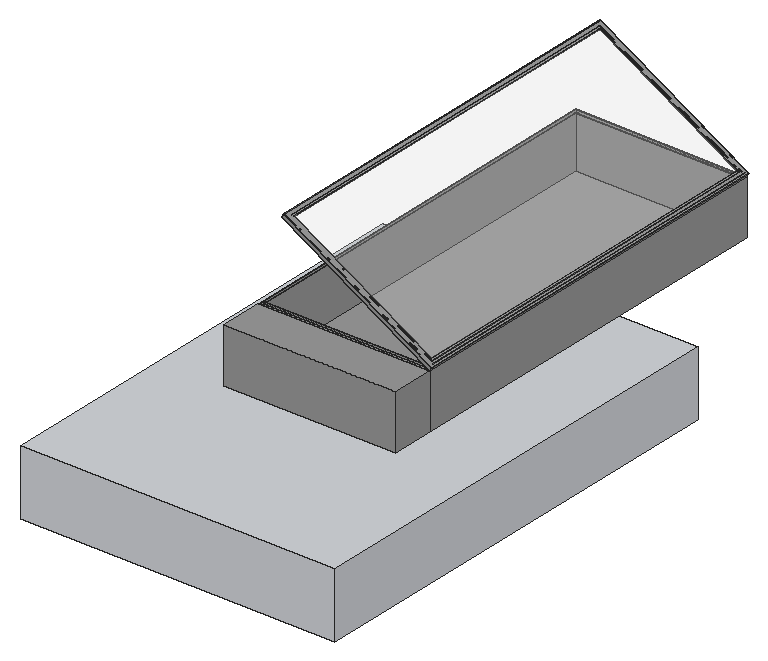
Revit family "Hager-Univers-IP55-D275-H2050-Cl.I-Steel_encl-CH-it", category Equipement électrique, Revit 2020
Family settings
  Hôte = Face
  Configuration du panneau = Deux colonnes, circuits au sein
  Cote de connecteur circulaire = Utiliser le diamètre
  Type d'élément = Tableau de raccordement
  Couper avec des vides une fois chargée = Non
  Partagée = Non
  Point de calcul de pièce = Non
Parameters (values of type "montaggio a pavimento IP55 L800 A2050 P275  - FR23K2")
  Width Control [instance] = if([EF000008 - Larghezza] > Min Width, [EF000008 - Larghezza], Min Width)  # 800 mm
  Commentaires du type = [HG000003 - Gamma]  # "Univers"
  Thickness Door [instance] = if([EF009171 - spessore materiale porta/coperchio] > 3 mm, 3 mm, [EF009171 - spessore materiale porta/coperchio])  # 1.5 mm
  Seal Frame Offset [instance] = 17 mm  # constant formula
  Plinth Visibility [instance] = [HG000027 - Altezza dello zoccolo] > 0 mm  # yes
  Model = ""
  Min Width [instance] = 100 mm  # constant formula
  Min Height [instance] = 100 mm  # constant formula
  Min Depth [instance] = (2 * [EF009170 - spessore materiale scatola]) + 1 mm  # 4 mm
  Internal Frame Depth [instance] = (Door System Depth * 0.5)  # 9 mm
  Height Control [instance] = if([EF000040 - Altezza] > Min Height, [EF000040 - Altezza], Min Height)  # 2050 mm
  HG000027 - Altezza dello zoccolo = 200 mm
  HG000026 - A pavimento = yes
  HG000024 - Altezza della sezione inferiore = 800 mm
  HG000023 - Custodia a doppia sezione = no
  HG000016 - Visibilità delle porte nella vista 3D [instance] = yes
  HG000015 - Visibilità attraverso la porta [instance] = no
  HG000014 - Porta destra [instance] = yes
  HG000013 - Porta sinistra [instance] = not([HG000014 - Porta destra])  # no
  HG000012 - Angolo di apertura della porta [instance] = 30.00°
  HG000010 - Porte asimmetriche = no
  HG000009 - Porta doppia a battente = no
  HG000006 - Ad incasso = no
  HG000004 - Codice produttore = "FR23K2"
  HG000003 - Gamma = "Univers"
  HG000002 - Con porta = yes
  Frame Offset Bottom [instance] = 10 mm  # constant formula
  Frame Offset [instance] = 15 mm  # constant formula
  EF015940 - Coprire con rilascio di sovrapressione = no
  EF011959 - tipo di protezione (NEMA) = ""
  EF009554 - numero delle aperture per la piastra della flangia = 6
  Fabricant = "Hager"  # constant formula
  EF009212 - esecuzione coperchio = "EV000116 - chiuso"
  EF009171 - spessore materiale porta/coperchio = 1.5 mm
  EF009170 - spessore materiale scatola = 1.5 mm
  EF008873 - corrente nominale (In) = 800 A
  EF007800 - adatto per parafulmine = no
  EF006306 - con serratura = no
  EF006244 - coperchio/porta trasparente = yes
  EF005474 - grado di protezione (IP) = "EV006420 - IP55"
  EF004464 - tipo di porta = "EV002646 - singolo"
  EF004427 - numero di moduli = 432
  EF004293 - resistenza agli urti = "EV008784 - IK10"
  EF003532 - adatto per uso esterno = no
  EF002950 - Numero moduli DIN = 24
  EF001613 - Integrità del circuito = "EV000494 - senza"
  EF001596 - Attacco Lampada = "EV000179 - acciaio"
  EF001131 - profondità interna = 275 mm
  EF001088 - possibilità di applicazione = yes
  EF000437 - numero di ingressi per conduttori = 6
  EF000339 - tipo di copertura = "EV004216 - porta"
  EF000266 - numero di file = 12
  EF000218 - profondità di incasso = 0 mm
  EF000118 - con piastra di montaggio = no
  EF000116 - numero RAL = "7035"
  EF000049 - profondità = 275 mm
  EF000040 - Altezza = 2050 mm
  EF000008 - Larghezza = 800 mm
  EF000007 - colore = "EV000270 - grigio"
  EF000003 - Tipo di montaggio = "EV012274 - montaggio a pavimento"
  Door System Leaf Tolerance [instance] = 1.5 mm  # constant formula
  Door System Depth [instance] = 18 mm  # constant formula
  Door Height [instance] = Height Control - [HG000027 - Altezza dello zoccolo]  # 1850 mm
  Depth Control [instance] = if([EF000049 - profondità] > Min Depth, [EF000049 - profondità], Min Depth)  # 275 mm
  Default Elevation = 0 mm
  Connector Offset [instance] = Height Control / 2  # 1025 mm
  Bottom Top Plate Trim [instance] = 1.5 mm  # constant formula
  Plinth height Ctrl [instance] = if([HG000027 - Altezza dello zoccolo] > 0 mm, [HG000027 - Altezza dello zoccolo], 12 mm)  # 200 mm
Types (11, lengths in mm): name | Width Control | HG000010 - Porte asimmetriche | HG000009 - Porta doppia a battente | HG000004 - Codice produttore | EF009554 - numero delle aperture per la piastra della flangia | EF006244 - coperchio/porta trasparente | EF004464 - tipo di porta | EF004427 - numero di moduli | EF000437 - numero di ingressi per conduttori | EF000008 - Larghezza
  montaggio a pavimento IP55 L1050 A2050 P275  - FR24E2 | 1050 | yes | yes | "FR24E2" | 8 | no | "EV003602 - doppio" | 576 | 8 | 1050
  montaggio a pavimento IP55 L1050 A2050 P275  - FR24K2 | 1050 | yes | yes | "FR24K2" | 8 | yes | "EV003602 - doppio" | 576 | 8 | 1050
  montaggio a pavimento IP55 L1300 A2050 P275  - FR25E2 | 1300 | yes | yes | "FR25E2" | 10 | no | "EV003602 - doppio" | 720 | 10 | 1300
  montaggio a pavimento IP55 L1300 A2050 P275  - FR25K2 | 1300 | yes | yes | "FR25K2" | 10 | yes | "EV003602 - doppio" | 720 | 10 | 1300
  montaggio a pavimento IP55 L1550 A2050 P275  - FR26E2 | 1550 | yes | yes | "FR26E2" | 12 | no | "EV003602 - doppio" | 864 | 12 | 1550
  montaggio a pavimento IP55 L1550 A2050 P275  - FR26K2 | 1550 | yes | yes | "FR26K2" | 12 | yes | "EV003602 - doppio" | 864 | 12 | 1550
  montaggio a pavimento IP55 L300 A2050 P275  - FR21E2 | 300 | no | no | "FR21E2" | 2 | no | "EV002646 - singolo" | 144 | 2 | 300
  montaggio a pavimento IP55 L550 A2050 P275  - FR22E2 | 550 | no | no | "FR22E2" | 4 | no | "EV002646 - singolo" | 288 | 4 | 550
  montaggio a pavimento IP55 L550 A2050 P275  - FR22K2 | 550 | no | no | "FR22K2" | 4 | yes | "EV002646 - singolo" | 288 | 4 | 550
  montaggio a pavimento IP55 L800 A2050 P275  - FR23E2 | 800 | no | no | "FR23E2" | 6 | no | "EV002646 - singolo" | 432 | 6 | 800
  montaggio a pavimento IP55 L800 A2050 P275  - FR23K2 | 800 | no | no | "FR23K2" | 6 | yes | "EV002646 - singolo" | 432 | 6 | 800
Reference planes
  plane 1 "Center (Front/Back)": y = 0
  plane 2: z = 0
  plane 3 "Center (Left/Right)": x = 0
  plane 4: z = 275
  plane 5: y = 201.5
  plane 6: y = 1125
  plane 7: y = 200
  plane 8: y = 2050
  plane 9: z = 0
  plane 10: x = -385
  plane 11: x = 385
  plane 12: x = 383.5
  plane 13: x = -383.5
  plane 14: y = 2048.5
  plane 15: x = -383
  plane 16: x = -400
  plane 17: x = 383
  plane 18: x = 400
  plane 19: x = 398.5
  plane 20: x = -398.5
  plane 21: y = 211.5
  plane 22: y = 2050
  plane 23: y = 2033.5
  plane 24: z = 257
  plane 25: z = 1.5
  plane 26: z = 255.5
  plane 27: z = 273.5
Forms (mm)
  Extrusion 1, solid
    sketch origin (0, 0, 0) x (1, 0, 0) y (0, 1, 0)
      loop
        line (-702.964, 1305) -> (-702.964, -811.445) -> (766.763, -811.445) -> (766.763, 1305) -> (-702.964, 1305)
    from 0 to -304.8
  Extrusion 2, solid, material "Hager_Steel_RAL7035_Light_Grey", visible <- "Plinth Visibility", detail levels medium+fine
    sketch origin (0, 0, 0) x (1, 0, 0) y (0, 1, 0)
      loop
        line (-400, 0) -> (400, 0) -> (400, 200) -> (-400, 200) -> (-400, 0)
    from 0 to 257
  Extrusion 3, solid, material "Hager_Steel_RAL7035_Light_Grey", detail levels medium+fine
    sketch origin (0, 0, 0) x (1, 0, 0) y (0, 1, 0)
      loop
        line (-400, 200) -> (400, 200) -> (400, 2050) -> (-400, 2050) -> (-400, 200)
    from 0 to 257
  Extrusion 4, void
    sketch origin (0, 0, 0) x (1, 0, 0) y (0, 1, 0)
      loop
        line (-398.5, 201.5) -> (398.5, 201.5) -> (398.5, 2048.5) -> (-398.5, 2048.5) -> (-398.5, 201.5)
    from 1.5 to 255.5
  Extrusion 5, void
    sketch origin (-381.607, -4572, 257) x (0, -1, 0) y (-1, 0, 0)
      loop
        line (-4783.5, 1.893) -> (-6605.5, 1.893) -> (-6605.5, -765.107) -> (-4783.5, -765.107) -> (-4783.5, 1.893)
    from 0 to 1.5 <- "EF009170 - spessore materiale scatola"
  Extrusion 6, solid, material "Hager_Steel_RAL7035_Light_Grey", detail levels fine
    sketch origin (0, 0, 257) x (1, 0, 0) y (0, 1, 0)
      loop
        line (-383.5, 2033.5) -> (-383.5, 211.5) -> (383.5, 211.5) -> (383.5, 2033.5) -> (-383.5, 2033.5)
      loop
        line (-385, 210) -> (385, 210) -> (385, 2035) -> (-385, 2035) -> (-385, 210)
    from 0 to 9 <- "Internal Frame Depth"
  Extrusion 7, solid, material "Hager_Steel_RAL7035_Light_Grey", detail levels coarse
    sketch origin (0, 0, 0) x (1, 0, 0) y (0, 1, 0)
      loop
        line (-400, 0) -> (400, 0) -> (400, 2050) -> (-400, 2050) -> (-400, 0)
    from 0 to 275
  Sweep 8, void
    path in 3D
      loop
        line (-400, 200, 0) -> (400, 200, 0) -> (400, 200, 257) -> (-400, 200, 257) -> (-400, 200, 0)
    profile origin (-400, 200, 128.5) x (-1, 0, 0) y (0, -1, 0)
      loop
        line (0, 0) -> (0, 1.5) -> (-1.5, 1.5)
        arc (-1.5, 1.5) -> (-1.061, 0.439) -> (0, 0) r 1.5
Cuts and joins
  Extrusion 4, Extrusion 5 cuts Extrusion 3
  Sweep 8 cuts Extrusion 2
Lines and regions (mm)
  Masking region 1
    outline origin (0, 0, 0) x (1, 0, 0) y (0, 0, 1)
      loop
        line (-400, 275) -> (-400, 0) -> (400, 0) -> (400, 275) -> (-400, 275)
  Masking region 2, detail levels medium+fine
    outline origin (0, 140, 0) x (0, 1, 0) y (0, 0, 1)
      loop
        line (60, 0) -> (1910, 0) -> (1910, 257) -> (60, 257) -> (60, 0)
  Masking region 3, not visible, detail levels medium+fine
    outline origin (0, 297.922, 0) x (0, 1, 0) y (0, 0, 1)
      loop
        line (838.578, 0) -> (878.578, 0) -> (878.578, 263.5)
        arc (878.578, 263.5) -> (875.649, 270.571) -> (868.578, 273.5) r 10
        line (868.578, 273.5) -> (838.578, 273.5) -> (838.578, 0)
  Masking region 4, detail levels coarse
    outline origin (0, 0, 180) x (0, 1, 0) y (0, 0, 1)
      loop
        line (0, -180) -> (2050, -180) -> (2050, 95) -> (0, 95) -> (0, -180)
  Masking region 5, visible <- "Plinth Visibility", detail levels medium+fine
    outline origin (0, 52.24, 12.345) x (0, 0, -1) y (0, 1, 0)
      loop
        line (10.845, 147.76) -> (-243.155, 147.76)
        arc (-243.155, 147.76) -> (-243.594, 146.699) -> (-244.655, 146.26) r 1.5
        line (-244.655, 146.26) -> (-244.655, -52.24) -> (12.345, -52.24) -> (12.345, 146.26)
        arc (12.345, 146.26) -> (11.285, 146.699) -> (10.845, 147.76) r 1.5
  Masking region 6, detail levels medium+fine
    outline origin (-381.607, -4572, 257) x (-1, 0, 0) y (0, -1, 0)
      loop
        line (18.393, -6622) -> (18.393, -4772) -> (-781.607, -4772) -> (-781.607, -6622) -> (18.393, -6622)
  Masking region 7, visible <- "Plinth Visibility", detail levels medium+fine
    outline origin (-381.607, -4727, 257) x (-1, 0, 0) y (0, -1, 0)
      loop
        arc (16.893, -4927) -> (17.332, -4925.939) -> (18.393, -4925.5) r 1.5
        line (18.393, -4925.5) -> (18.393, -4727) -> (-781.607, -4727) -> (-781.607, -4925.5)
        arc (-781.607, -4925.5) -> (-780.546, -4925.939) -> (-780.107, -4927) r 1.5
        line (-780.107, -4927) -> (16.893, -4927)
  Masking region 8, detail levels coarse
    outline origin (-442.548, -4669.526, 257) x (-1, 0, 0) y (0, -1, 0)
      loop
        line (-42.548, -6719.526) -> (-42.548, -4669.526) -> (-842.548, -4669.526) -> (-842.548, -6719.526) -> (-42.548, -6719.526)
  sketch lines
    curve 1: line (-400, 200, 257) -> (-400, 200, 0)
    curve 2: line (400, 200, 257) -> (-400, 200, 257)
    curve 3: line (400, 200, 257) -> (400, 200, 0)
    curve 4: line (-400, 200, 0) -> (400, 200, 0)
Dimensions and locks
  "Depth Control": plane 4 to Extrusion 1
  "HG000027 - Altezza dello zoccolo": plane 1 "Center (Front/Back)" to plane 7
  "EF009170 - spessore materiale scatola": plane 5 to plane 7
  locked: connector elem to plane 3 "Center (Left/Right)"
  equal spacing: plane 8, plane 6, plane 7
  locked: connector elem to plane 6
  "EF009170 - spessore materiale scatola": plane 8 to plane 14
  "EF009170 - spessore materiale scatola": plane 10 to plane 13
  "EF009170 - spessore materiale scatola": plane 12 to plane 11
  "Frame Offset": plane 20 to plane 13
  "Frame Offset": plane 12 to plane 19
  "EF009170 - spessore materiale scatola": plane 16 to plane 20
  "EF009170 - spessore materiale scatola": plane 19 to plane 18
  "Seal Frame Offset": plane 16 to plane 15
  "Seal Frame Offset": plane 17 to plane 18
  "Frame Offset Bottom": plane 21 to plane 5
  "Frame Offset": plane 14 to plane 23
  equal spacing: plane 16, plane 3 "Center (Left/Right)", plane 18
  "Width Control": plane 16 to plane 18
  "EF009170 - spessore materiale scatola": plane 4 to plane 27
  "EF009170 - spessore materiale scatola": plane 24 to plane 26
  "EF009170 - spessore materiale scatola": plane 25 to level
  "Door System Depth": plane 4 to plane 24
  "Height Control": plane 1 "Center (Front/Back)" to Extrusion 7 sketch curve
  "Height Control": Masking region 4 sketch curve to plane 1 "Center (Front/Back)"
  "Height Control": plane 1 "Center (Front/Back)" to plane 22
  "Bottom Top Plate Trim": profile plane to Sweep 8 sketch curve
  "Bottom Top Plate Trim": Sweep 8 sketch curve to profile plane
  "Plinth height Ctrl": plane 1 "Center (Front/Back)" to Extrusion 2 sketch curve
  "Plinth height Ctrl": Masking region 5 sketch curve to plane 1 "Center (Front/Back)"
  "Plinth height Ctrl": plane 1 "Center (Front/Back)" to Masking region 7 sketch curve
  "Thickness Door": Extrusion 6 sketch curve to Extrusion 6 sketch curve  (x3)
  "Thickness Door": cut or joined group of Extrusion 3, Extrusion 4, Extrusion 5 to Extrusion 6 sketch curve
  radius of Masking region 3 sketch curve = 10 mm
  "Bottom Top Plate Trim": radius of Masking region 5 sketch curve  (x2)
  "Bottom Top Plate Trim": radius of Sweep 8 sketch curve
  "Bottom Top Plate Trim": radius of Masking region 7 sketch curve  (x2)
  aligned and locked: plane 2 to Extrusion 1
  aligned and locked: level to Extrusion 1
  aligned and locked: level to Masking region 1 sketch curve
  aligned and locked: Masking region 1 sketch curve to plane 18
  aligned and locked: Masking region 1 sketch curve to plane 16
  aligned and locked: plane 7 to Masking region 2 sketch curve
  aligned and locked: level to Masking region 3 sketch curve
  aligned and locked: Masking region 3 sketch curve to plane 27
  aligned and locked: level to Masking region 2 sketch curve
  aligned and locked: plane 1 "Center (Front/Back)" to Extrusion 2 sketch curve
  aligned and locked: Extrusion 3 sketch curve to plane 7
  aligned and locked: plane 16 to Extrusion 3 sketch curve
  aligned and locked: plane 18 to Extrusion 3 sketch curve
  aligned and locked: plane 20 to Extrusion 4 sketch curve
  aligned and locked: plane 19 to Extrusion 4 sketch curve
  aligned and locked: Extrusion 4 sketch curve to plane 5
  aligned and locked: Extrusion 4 to plane 25
  aligned and locked: plane 26 to Extrusion 4
  aligned and locked: plane 24 to Extrusion 3
  aligned and locked: Extrusion 5 sketch curve to plane 21
  aligned and locked: Extrusion 5 sketch curve to plane 13
  aligned and locked: Extrusion 5 sketch curve to plane 12
  aligned and locked: plane 18 to Extrusion 7 sketch curve
  aligned and locked: plane 1 "Center (Front/Back)" to Extrusion 7 sketch curve
  aligned and locked: plane 16 to Extrusion 7 sketch curve
  aligned and locked: plane 4 to Extrusion 7
  aligned and locked: Extrusion 7 to level
  aligned and locked: level to Masking region 4 sketch curve
  aligned and locked: Masking region 4 sketch curve to plane 1 "Center (Front/Back)"
  aligned and locked: Masking region 4 sketch curve to plane 4
  aligned and locked: nested 1 to level
  aligned and locked: nested 1 to plane 16
  aligned and locked: plane 8 to Extrusion 3 sketch curve
  aligned and locked: plane 23 to Extrusion 5 sketch curve
  aligned and locked: plane 14 to Extrusion 4 sketch curve
  aligned and locked: Masking region 2 sketch curve to plane 8
  aligned and locked: level to Masking region 5 sketch curve
  aligned and locked: plane 16 to Extrusion 2 sketch curve
  aligned and locked: plane 18 to Extrusion 2 sketch curve
  aligned and locked: Masking region 5 sketch curve to plane 24
  aligned and locked: Masking region 2 sketch curve to plane 24
  aligned and locked: plane 24 to Extrusion 2
  aligned and locked: profile plane to Sweep 8 sketch curve  (x2)
  aligned and locked: Masking region 6 sketch curve to plane 18
  aligned and locked: Masking region 6 sketch curve to plane 22
  aligned and locked: Masking region 6 sketch curve to plane 16
  aligned and locked: plane 8 to plane 22
  aligned and locked: Masking region 6 sketch curve to plane 7
  aligned and locked: Masking region 7 sketch curve to plane 16
  aligned and locked: Masking region 7 sketch curve to plane 1 "Center (Front/Back)"
  aligned and locked: Masking region 7 sketch curve to plane 18
  aligned and locked: Masking region 8 sketch curve to plane 1 "Center (Front/Back)"
  aligned and locked: Masking region 8 sketch curve to plane 18
  aligned and locked: Masking region 8 sketch curve to plane 22
  aligned and locked: Masking region 8 sketch curve to plane 16
  aligned and locked: nested 2 to plane 7
  aligned and locked: plane 3 "Center (Left/Right)" to nested 2
  aligned and locked: nested 2 to plane 24
  aligned and locked: Extrusion 6 sketch curve to cut or joined group of Extrusion 3, Extrusion 4, Extrusion 5  (x4)
Automatic sketch dimensions
  Extrusion 1 sketch curve to Extrusion 1 sketch curve = 1469.727 mm
  Extrusion 1 sketch curve to Extrusion 1 sketch curve = 2116.445 mm
  Masking region 1 sketch curve to plane 4 = 0 mm
  plane 6 to Masking region 3 sketch curve = 11.5 mm
  Masking region 3 sketch curve to Masking region 3 sketch curve = 30 mm
  Masking region 5 sketch curve to plane 1 "Center (Front/Back)" = 0 mm
Nested families
  nested 1: "Hager_Enclosure_Symbol" at (-400, 0, 0) x (1, 0, 0) z (0, -1, 0), Height <- "Depth Control", Width <- "Width Control", type "Hager_Enclosure_Symbol"
    with Width_Ctrl 800 mm, Width 800 mm, Height_Ctrl 275 mm, Height 275 mm, A_Width_Int 18.047 mm, A_Width 216.562 mm, A_Height_Ctrl 240.625 mm, A_Height 240.625 mm
  nested 2: "EC000058_Univers_Door" at (0, 200, 257) x (1, 0, 0) z (0, 1, 0), Leaf_Tolerance <- "Door System Leaf Tolerance", Angle <- "HG000012 - Angolo di apertura della porta", Door_Depth <- "Door System Depth", Door_Left <- "HG000013 - Porta sinistra", Transparent <- "EF006244 - coperchio/porta trasparente", Assymetrical <- "HG000010 - Porte asimmetriche", Width <- "Width Control", Clearance <- "HG000015 - Visibilità attraverso la porta", Double <- "HG000009 - Porta doppia a battente", 3d_Door <- "HG000016 - Visibilità delle porte nella vista 3D", Lock_Visibility <- "EF006306 - con serratura", Width_Ctrl <- "Width Control", Door_Right <- "HG000014 - Porta destra", Door <- "HG000002 - Con porta", Height <- "Door Height", Thickness <- "Thickness Door", type "EC000058_Univers_Door", detail levels medium+fine
    with min_wh 4 mm, Width_Ctrl 800 mm, Width 800 mm, Transparent yes, Thickness 1.5 mm, Seal_Material Hager_Rubber, Lock_Visibility no, Lock_Material Hager_Plastic_RAL9005_Jet_Black, Leaf_Width 800 mm, Leaf_Tolerance_External_Sides 0 mm, Leaf_Tolerance 1.5 mm, Leaf_Offset 0 mm, Leaf_Height 1847 mm, Leaf_2_Width 800 mm, Leaf_2_Offset 400 mm, Leaf_1_Width 800 mm, Leaf_1_Offset 400 mm, Height_Ctrl 1850 mm, Height 1850 mm, Glass_Material Hager_Glass, Double_Clearance_Ctrl no, Double no, Door_Right_Ctrl yes, Door_Right yes, Door_Material Hager_Steel_RAL7035_Light_Grey, Door_Left_Ctrl no, Door_Left no, Door_Depth 18 mm, Door yes, Clearance_Material Hager_Clearance, Clearance_Depth 800 mm, Clearance_Ctrl no, Clearance no, Assymetrical no, Angle 30.00°, 3d_Door yes
Connectors
  electrical at (0, 1125, 0)
    settings: on plane 9, index 1, voltage 0 V, apparent load 0 VA, apparent load phase1 0 VA, apparent load phase2 0 VA, apparent load phase3 0 VA, power factor 1, load classification "Other", number of poles 1, system type 30, power factor state 1, is connector primary yes, connector utility no, sub classification motor no, connector description ""
Definition of nested family "EC000058_Univers_Door"
  Parameters (values of type "EC000058_Univers_Door")
    min_wh [instance] = (2 * Thickness) + 1 mm  # 11 mm
    Width_Ctrl [instance] = 400 mm
    Width [instance] = 500 mm
    Transparent [instance] = yes
    Thickness [instance] = 5 mm
    Seal_Material [instance] = none
    Lock_Visibility [instance] = yes
    Lock_Material [instance] = none
    Leaf_Width [instance] = if((Width_Ctrl - 2 * Leaf_Tolerance_External_Sides) > 0 mm, (Width_Ctrl - 2 * Leaf_Tolerance_External_Sides), min_wh)  # 400 mm
    Leaf_Tolerance_External_Sides [instance] = 0 mm  # constant formula
    Leaf_Tolerance [instance] = 1.5 mm
    Leaf_Offset [instance] = 0 mm  # constant formula
    Leaf_Height [instance] = if((Height_Ctrl - 2 * Leaf_Tolerance) > 0 mm, (Height_Ctrl - 2 * Leaf_Tolerance), min_wh)  # 497 mm
    Leaf_2_Width [instance] = if(and(and(Double, Assymetrical), Door_Left), (Leaf_Width / 3) - (Leaf_Tolerance / 2), if(and(and(Double, Assymetrical), Door_Right), (Leaf_Width / 3) * 2 - (Leaf_Tolerance / 2), if(and(Double, not(Assymetrical)), (Leaf_Width / 2) - Leaf_Tolerance, Leaf_Width)))  # 400 mm
    Leaf_2_Offset [instance] = if(and(Double, Assymetrical), Leaf_2_Width / 2, if(and(Double, not(Assymetrical)), Leaf_Width / 4, Leaf_Width / 2))  # 200 mm
    Leaf_1_Width [instance] = if(and(and(Double, Assymetrical), Door_Right), (Leaf_Width / 3) - (Leaf_Tolerance / 2), if(and(and(Double, Assymetrical), Door_Left), (Width / 3) * 2 - (Leaf_Tolerance / 2), if(and(Double, not(Assymetrical)), (Leaf_Width / 2) - Leaf_Tolerance, Leaf_Width)))  # 400 mm
    Leaf_1_Offset [instance] = if(and(Double, Assymetrical), Leaf_1_Width / 2, if(and(Double, not(Assymetrical)), Leaf_Width / 4, Leaf_Width / 2))  # 200 mm
    Height_Ctrl [instance] = if(Height > min_wh, Height, min_wh)  # 500 mm
    Height [instance] = 500 mm
    Glass_Material [instance] = none
    Double_Clearance_Ctrl [instance] = and(Double, Clearance)  # no
    Double [instance] = no
    Door_Right_Ctrl [instance] = and(or(Door_Right, Double), Door)  # yes
    Door_Right [instance] = yes
    Door_Material [instance] = none
    Door_Left_Ctrl [instance] = and(or(Door_Left, Double), Door)  # no
    Door_Left [instance] = no
    Door_Depth [instance] = 30 mm
    Door [instance] = yes
    Default Elevation = 1219.2 mm
    Clearance_Material [instance] = none
    Clearance_Depth [instance] = if(Leaf_1_Width > Leaf_2_Width, Leaf_1_Width, Leaf_2_Width)  # 400 mm
    Clearance_Ctrl [instance] = and(not(Double), Clearance)  # yes
    Clearance [instance] = yes
    Assymetrical [instance] = yes
    Angle [instance] = 30.00°
    3d_Door [instance] = yes
  Reference planes
    plane 1 "Center (Front/Back)": y = 0
    plane 2 "Bottom": z = 0
    plane 3 "Center (Left/Right)": x = 0
    plane 4: z = 500
    plane 5: x = -200
    plane 6: x = 200
    plane 7: z = 500
    plane 8: x = -200
    plane 9: z = 0
    plane 10: x = 200
    plane 11: y = 0
    plane 12: z = 1.5
    plane 13: x = -600
    plane 14: y = -400
    plane 15: x = 600
    plane 16: x = 0
    plane 17: x = 0
    plane 18: x = -200
    plane 19: x = 200
    plane 20: z = 498.5
  Forms (mm)
    Extrusion 1, solid, material <- "Clearance_Material", visible <- "Double_Clearance_Ctrl"
      sketch origin (1200, 0, 0) x (1, 0, 0) y (0, 0, -1)
        loop
          line (-1800, -498.5) -> (-600, -498.5) -> (-600, 0) -> (-1800, 0) -> (-1800, -498.5)
      from 0 to -400
  Dimensions and locks
    equal spacing: plane 5, plane 3 "Center (Left/Right)", plane 6
    "Width_Ctrl": plane 5 to plane 6
    "Leaf_Offset": plane 5 to plane 8
    "Leaf_Offset": plane 6 to plane 10
    "Leaf_Offset": plane 9 to level
    "Leaf_Offset": plane 4 to plane 7
    "Height_Ctrl": plane 4 to level
    "Leaf_Tolerance": plane 12 to plane 9
    locked: plane 11 to plane 1 "Center (Front/Back)"
    "Leaf_1_Offset": plane 18 to plane 16
    "Leaf_2_Offset": plane 17 to plane 19
    "Leaf_1_Width": plane 13 to plane 8
    "Leaf_2_Width": plane 10 to plane 15
    "Clearance_Depth": plane 14 to plane 1 "Center (Front/Back)"
    "Leaf_Tolerance_External_Sides": plane 8 to plane 18
    "Leaf_Tolerance_External_Sides": plane 19 to plane 10
    "Leaf_Tolerance": plane 7 to plane 20
    aligned and locked: level to plane 2 "Bottom"
    aligned and locked: nested 1 to plane 16
    aligned and locked: nested 2 to plane 17
    aligned and locked: Extrusion 1 to plane 13
    aligned and locked: plane 15 to Extrusion 1
    aligned and locked: Extrusion 1 to plane 14
    aligned and locked: plane 12 to nested 1
    aligned and locked: nested 2 to plane 12
    aligned and locked: Extrusion 1 to plane 11
    aligned and locked: plane 20 to Extrusion 1
    aligned and locked: nested 2 to plane 11
    aligned and locked: nested 1 to plane 11
  Automatic sketch dimensions
    Extrusion 1 sketch curve to level = 0 mm
    plane 5 to Extrusion 1 sketch curve = 400 mm
    plane 6 to Extrusion 1 sketch curve = 400 mm
    Extrusion 1 sketch curve to plane 4 = 1.5 mm
  Nested families
    nested 1: "EC000058_Univers_Door_Leaf" at (0, 0, 1.5), Width <- "Leaf_1_Width", visible <- "Door_Left_Ctrl", Leaf_Height <- "Leaf_Height", Angle <- "Angle", 3d_Door <- "3d_Door", Transparent <- "Transparent", Clearance Material <- "Clearance_Material", Clearance <- "Clearance_Ctrl", Door_Material <- "Door_Material", Glass_Material <- "Glass_Material", Door_Depth <- "Door_Depth", Lock_Material <- "Lock_Material", Seal_Material <- "Seal_Material", Lock_Visibility <- "Lock_Visibility", Thickness <- "Thickness", type "EC000058_Univers_Door_Leaf"
      with Width 400 mm, Transparent_Glass_Offset 30 mm, Transparent_Ctrl yes, Transparent yes, Thickness 5 mm, Standard no, Seal_Material none, Seal_D2 8 mm, Seal_D1 1 mm, Offset_Internal_Frame 10 mm, Lock_Width 20 mm, Lock_Visibility_3d yes, Lock_Visibility yes, Lock_Thickness_3 3 mm, Lock_Thickness_2 1 mm, Lock_Thickness_1 3 mm, Lock_Radius_Offset_2 16 mm, Lock_Radius_Offset_1 15 mm, Lock_Radius_2 5 mm, Lock_Radius 6 mm, Lock_Offset 5 mm, Lock_Material none, Lock_Height 80 mm, Lock_Cover_Top_Offset_2d 17 mm, Lock_Cover_Height -65 mm, Leaf_Height 497 mm, Internal_Seal_Thickness 8 mm, Internal_Seal_Depth_2 4.5 mm, Internal_Frame_Depth 25 mm, Glass_Thickness -1 mm, Glass_Offset -2 mm, Glass_Material none, Door_Material none, Door_Depth 30 mm, Clearance Material none, Clearance yes, Angle_Ctrl 30.00°, Angle 30.00°, 3d_Door yes
    nested 2: "EC000058_Univers_Door_Leaf" at (0, 0, 1.5) x (-1, 0, 0) z (0, 0, 1), Width <- "Leaf_2_Width", visible <- "Door_Right_Ctrl", Leaf_Height <- "Leaf_Height", Angle <- "Angle", 3d_Door <- "3d_Door", Transparent <- "Transparent", Clearance Material <- "Clearance_Material", Clearance <- "Clearance_Ctrl", Door_Material <- "Door_Material", Glass_Material <- "Glass_Material", Door_Depth <- "Door_Depth", Lock_Material <- "Lock_Material", Seal_Material <- "Seal_Material", Lock_Visibility <- "Lock_Visibility", Thickness <- "Thickness", type "EC000058_Univers_Door_Leaf"
      with Width 400 mm, Transparent_Glass_Offset 30 mm, Transparent_Ctrl yes, Transparent yes, Thickness 5 mm, Standard no, Seal_Material none, Seal_D2 8 mm, Seal_D1 1 mm, Offset_Internal_Frame 10 mm, Lock_Width 20 mm, Lock_Visibility_3d yes, Lock_Visibility yes, Lock_Thickness_3 3 mm, Lock_Thickness_2 1 mm, Lock_Thickness_1 3 mm, Lock_Radius_Offset_2 16 mm, Lock_Radius_Offset_1 15 mm, Lock_Radius_2 5 mm, Lock_Radius 6 mm, Lock_Offset 5 mm, Lock_Material none, Lock_Height 80 mm, Lock_Cover_Top_Offset_2d 17 mm, Lock_Cover_Height -65 mm, Leaf_Height 497 mm, Internal_Seal_Thickness 8 mm, Internal_Seal_Depth_2 4.5 mm, Internal_Frame_Depth 25 mm, Glass_Thickness -1 mm, Glass_Offset -2 mm, Glass_Material none, Door_Material none, Door_Depth 30 mm, Clearance Material none, Clearance yes, Angle_Ctrl 30.00°, Angle 30.00°, 3d_Door yes
  Definition of nested family "EC000058_Univers_Door_Leaf"
    Parameters (values of type "EC000058_Univers_Door_Leaf")
      Width [instance] = 2000 mm
      Transparent_Glass_Offset [instance] = 30 mm
      Transparent_Ctrl [instance] = and(Transparent, [3d_Door])  # yes
      Transparent [instance] = yes
      Thickness [instance] = 5 mm
      Standard [instance] = and(not(Transparent), [3d_Door])  # no
      Seal_Material [instance] = none
      Seal_D2 [instance] = 8 mm  # constant formula
      Seal_D1 [instance] = 1 mm  # constant formula
      Offset_Internal_Frame [instance] = 10 mm  # constant formula
      Lock_Width [instance] = 20 mm  # constant formula
      Lock_Visibility_3d [instance] = and(Lock_Visibility, [3d_Door])  # yes
      Lock_Visibility [instance] = yes
      Lock_Thickness_3 [instance] = 3 mm  # constant formula
      Lock_Thickness_2 [instance] = 1 mm  # constant formula
      Lock_Thickness_1 [instance] = 3 mm  # constant formula
      Lock_Radius_Offset_2 [instance] = Lock_Radius_Offset_1 + 1 mm  # 16 mm
      Lock_Radius_Offset_1 [instance] = 15 mm  # constant formula
      Lock_Radius_2 [instance] = Lock_Radius - 1 mm  # 5 mm
      Lock_Radius [instance] = 6 mm  # constant formula
      Lock_Offset [instance] = 5 mm  # constant formula
      Lock_Material [instance] = none
      Lock_Height [instance] = 80 mm  # constant formula
      Lock_Cover_Top_Offset_2d [instance] = Lock_Radius_Offset_2 + 1 mm  # 17 mm
      Lock_Cover_Height [instance] = -(Lock_Height - Lock_Radius_Offset_1)  # -65 mm
      Leaf_Height [instance] = 2720.336 mm
      Internal_Seal_Thickness [instance] = 8 mm  # constant formula
      Internal_Seal_Depth_2 [instance] = 4.5 mm  # constant formula
      Internal_Frame_Depth [instance] = if(Door_Depth - Thickness > 5 mm, Door_Depth - Thickness, 5 mm)  # 25 mm
      Glass_Thickness [instance] = if(Thickness > 15 mm, Glass_Offset + 10 mm, -1 mm)  # -1 mm
      Glass_Offset [instance] = if(Thickness > 15 mm, -(Thickness + 10 mm) / 2, -2 mm)  # -2 mm
      Glass_Material [instance] = none
      Door_Material [instance] = none
      Door_Depth [instance] = 30 mm
      Default Elevation = 0 mm
      Clearance Material [instance] = none
      Clearance [instance] = yes
      Angle_Ctrl [instance] = if(Angle > 180.00°, 180.00°, Angle)  # 90.00°
      Angle [instance] = 90.00°
      3d_Door [instance] = yes
    Reference planes
      plane 1 "Center (Front/Back)": y = 0
      plane 2: z = 0
      plane 3 "Center (Left/Right)": x = 0
      plane 4: y = 2000
      plane 5: x = -1000
      plane 6: x = 1000
      plane 7: x = -3000
      plane 8: z = 2720.336
      plane 9: z = 30
      plane 10: z = 2690.336
      plane 11: x = 970
      plane 12: x = -970
      plane 13: y = -3
      plane 14: z = 107.833
      plane 15: y = -5
      plane 16: y = -223.314
      plane 17: x = -1000
      plane 18: z = 1360.168
      plane 19: y = 30
    Forms (mm)
      Extrusion 1, solid, material <- "Clearance Material", visible <- "Clearance"
        sketch origin (0, 0, 0) x (1, 0, 0) y (0, 0, 1)
          loop
            line (-3000, 2720.336) -> (-3000, 0) -> (1000, 0) -> (1000, 2720.336) -> (-3000, 2720.336)
        from 0 to -2000
      Extrusion 2, solid, material <- "Door_Material", visible <- "Standard", detail levels medium+fine
        sketch origin (-1000, 0, 0) x (0, 1, 0) y (-1, 0, 0)
          loop
            line (0, 30) -> (0, 25) -> (2000, 25) -> (2000, 30) -> (0, 30)
        from 0 to 2720.336 <- "Leaf_Height"
      Extrusion 3, solid, material <- "Door_Material", visible <- "Transparent_Ctrl", detail levels medium+fine
        sketch origin (-1000, 0, 0) x (0, 1, 0) y (-1, 0, 0)
          loop
            line (0, 25) -> (2000, 25) -> (2000, 30) -> (0, 30) -> (0, 25)
        from 0 to 2720.336 <- "Leaf_Height"
      Extrusion 4, void
        sketch origin (-1025, 2000, 0) x (0, 1, 0) y (0, 0, -1)
          loop
            line (-30, -2690.336) -> (-30, -30) -> (-1970, -30) -> (-1970, -2690.336) -> (-30, -2690.336)
        from 0 to 5 <- "Thickness"
      Sweep 5, solid, material <- "Seal_Material", visible <- "Transparent_Ctrl", detail levels fine
        path in 3D
          loop
            line (-1025, 30, 30) -> (-1025, 30, 2690.336) -> (-1025, 1970, 2690.336) -> (-1025, 1970, 30) -> (-1025, 30, 30)
        profile origin (-1025, 1000, 30) x (1, 0, 0) y (0, 0, 1)
          loop
            line (0, 0) -> (0, -8) -> (1, -8) -> (1, 0) -> (0, 0)
      Extrusion 6, solid, material <- "Glass_Material", visible <- "Transparent_Ctrl", detail levels medium+fine
        sketch origin (-1030, 0, 0) x (0, 1, 0) y (0, 0, -1)
          loop
            line (1970, -2690.336) -> (1970, -30) -> (30, -30) -> (30, -2690.336) -> (1970, -2690.336)
        from -2 <- "Glass_Offset" to -1 <- "Glass_Thickness"
      Extrusion 7, solid, material <- "Door_Material", visible <- "3d_Door", detail levels medium+fine
        sketch origin (-1025, 2000, 0) x (0, -1, 0) y (0, 0, -1)
          loop
            line (0, -2720.336) -> (2000, -2720.336) -> (2000, 0) -> (0, 0) -> (0, -2720.336)
          loop
            line (1995, -5) -> (5, -5) -> (5, -2715.336) -> (1995, -2715.336) -> (1995, -5)
        from 0 to 25 <- "Internal_Frame_Depth"
      Sweep 8, solid, material <- "Seal_Material", visible <- "Transparent_Ctrl", detail levels fine
        path in 3D
          loop
            line (-1025, 0, 0) -> (-1025, 2000, 0) -> (-1025, 2000, 2720.336) -> (-1025, 0, 2720.336) -> (-1025, 0, 0)
        profile origin (-1025, 0, 1360.168) x (1, 0, 0) y (0, 1, 0)
          loop
            line (0, 10) -> (2.975, 10)
            arc (2.975, 10) -> (4.053, 10.447) -> (4.5, 11.525) r 1.525
            line (4.5, 11.525) -> (4.5, 16.527)
            arc (4.5, 16.527) -> (4.069, 17.569) -> (3.027, 18) r 1.473
            line (3.027, 18) -> (0, 18) -> (0, 10)
      Extrusion 9, solid, material <- "Lock_Material", visible <- "Lock_Visibility_3d", detail levels fine
        sketch origin (-1030, 0, 0) x (0, 1, 0) y (0, 0, -1)
          loop
            arc (1993.5, -1400.168) -> (1994.561, -1399.729) -> (1995, -1398.668) r 1.5
            line (1995, -1398.668) -> (1995, -1320.168) -> (1975, -1320.168) -> (1975, -1398.668)
            arc (1975, -1398.668) -> (1975.439, -1399.729) -> (1976.5, -1400.168) r 1.5
            line (1976.5, -1400.168) -> (1993.5, -1400.168)
        from 3 <- "Lock_Thickness_1" to 0
      Blend 10, solid, material <- "Lock_Material", visible <- "Lock_Visibility_3d", detail levels fine
        base sketch origin (-1033, 0, 0) x (0, 1, 0) y (0, 0, -1)
          loop
            line (1975, -1320.168) -> (1975, -1398.668)
            arc (1975, -1398.668) -> (1975.439, -1399.729) -> (1976.5, -1400.168) r 1.5
            line (1976.5, -1400.168) -> (1993.5, -1400.168)
            arc (1993.5, -1400.168) -> (1994.561, -1399.729) -> (1995, -1398.668) r 1.5
            line (1995, -1398.668) -> (1995, -1320.168) -> (1975, -1320.168)
        top sketch origin (-1033, 0, 0) x (0, 1, 0) y (0, 0, -1)
          loop
            line (1976, -1320.168) -> (1976, -1398.668)
            arc (1976, -1398.668) -> (1976.146, -1399.022) -> (1976.5, -1399.168) r 0.5
            line (1976.5, -1399.168) -> (1993.5, -1399.168)
            arc (1993.5, -1399.168) -> (1993.854, -1399.022) -> (1994, -1398.668) r 0.5
            line (1994, -1398.668) -> (1994, -1320.168) -> (1976, -1320.168)
        from 0 to 1 <- "Lock_Thickness_2"
      Blend 11, solid, material <- "Lock_Material", visible <- "Lock_Visibility_3d", detail levels fine
        base sketch origin (-1034, 0, 0) x (0, 1, 0) y (0, 0, -1)
          loop
            line (1978, -1320.168) -> (1978, -1384.168)
            arc (1978, -1384.168) -> (1985, -1391.168) -> (1992, -1384.168) r 7
            line (1992, -1384.168) -> (1992, -1320.168) -> (1978, -1320.168)
        top sketch origin (-1034, 0, 0) x (0, 1, 0) y (0, 0, -1)
          loop
            line (1991, -1320.168) -> (1979, -1320.168) -> (1979, -1383.168)
            arc (1979, -1383.168) -> (1985, -1389.168) -> (1991, -1383.168) r 6
            line (1991, -1383.168) -> (1991, -1320.168)
        from 0 to 3 <- "Lock_Thickness_3"
      Extrusion 12, solid, material <- "Lock_Material", visible <- "Lock_Visibility_3d", detail levels fine
        sketch origin (-1030, 1975, 1320.168) x (1, 0, 0) y (0, -1, 0)
          loop
            line (-7, -19) -> (-7, -1) -> (0, -1) -> (0, 0) -> (-8, 0) -> (-8, -20) -> (0, -20) -> (0, -19) -> (-7, -19)
        from 0 to -65 <- "Lock_Cover_Height"
      Extrusion 13, void
        sketch origin (-1038, 1995, 1320.168) x (-1, 0, 0) y (0, 0, -1)
          loop
            line (-5, -65) -> (0, -65) -> (-5, -60) -> (-5, -65)
        from 0 to 20 <- "Lock_Width"
      Extrusion 14, void
        sketch origin (-1038, 1975, 1320.168) x (0, -1, 0) y (0, 0, -1)
          loop
            circle (-10, -15.995) r 6
          loop
            circle (-10, -15.995) r 5
        from 0 to 2
      Extrusion 15, solid, material <- "Lock_Material", visible <- "Lock_Visibility_3d", detail levels medium
        sketch origin (-1030, 0, 0) x (0, 1, 0) y (0, 0, -1)
          loop
            arc (1993.5, -1400.168) -> (1994.561, -1399.729) -> (1995, -1398.668) r 1.5
            line (1995, -1398.668) -> (1995, -1320.168) -> (1975, -1320.168) -> (1975, -1398.668)
            arc (1975, -1398.668) -> (1975.439, -1399.729) -> (1976.5, -1400.168) r 1.5
            line (1976.5, -1400.168) -> (1993.5, -1400.168)
        from 8 to 0
    Cuts and joins
      Extrusion 4 cuts Extrusion 3
      Extrusion 13, Extrusion 14 cuts Extrusion 9
      Extrusion 14 cuts Blend 11
      Extrusion 13, Extrusion 14 cuts Extrusion 12
      joined: Extrusion 9, Blend 10, Blend 11, Extrusion 12
      Extrusion 14 cuts Extrusion 15
    Lines and regions (mm)
      Masking region 1, visible <- "Lock_Visibility", detail levels fine
        outline origin (0, 0, 0) x (0, 1, 0) y (0, 0, 1)
          loop
            line (30, 1320.168) -> (33, 1320.168) -> (33, 1400.168) -> (30, 1400.168) -> (30, 1320.168)
      Masking region 2, visible <- "Lock_Visibility", detail levels fine
        outline origin (0, 3.143, 0) x (0, 1, 0) y (0, 0, 1)
          loop
            line (29.857, 1354.168) -> (30.857, 1354.168) -> (30.857, 1366.168) -> (29.857, 1366.168) -> (29.857, 1354.168)
      Masking region 3, detail levels medium+fine
        outline origin (0, 0, 0) x (0, 1, 0) y (0, 0, 1)
          loop
            line (0, 0) -> (30, 0) -> (30, 2720.336) -> (0, 2720.336) -> (0, 0)
      Masking region 4, detail levels medium+fine
        outline origin (0, 0, 0) x (1, 0, 0) y (0, 0, 1)
          loop
            line (-1000, 2720.336) -> (-1000, 0) -> (1000, 0) -> (1000, 2720.336) -> (-1000, 2720.336)
      Masking region 5, visible <- "Lock_Visibility", detail levels fine
        outline origin (-47.116, 0, 0) x (1, 0, 0) y (0, 0, 1)
          loop
            arc (1024.616, 1399.168) -> (1023.556, 1398.729) -> (1023.116, 1397.668) r 1.5
            line (1023.116, 1397.668) -> (1023.116, 1320.168) -> (1041.116, 1320.168) -> (1041.116, 1397.668)
            arc (1041.116, 1397.668) -> (1040.677, 1398.729) -> (1039.616, 1399.168) r 1.5
            line (1039.616, 1399.168) -> (1024.616, 1399.168)
      Masking region 6, visible <- "Lock_Visibility", detail levels medium+fine
        outline origin (-25, 0, 0) x (1, 0, 0) y (0, 0, 1)
          loop
            arc (1001.5, 1400.168) -> (1000.439, 1399.729) -> (1000, 1398.668) r 1.5
            line (1000, 1398.668) -> (1000, 1320.168) -> (1020, 1320.168) -> (1020, 1398.668)
            arc (1020, 1398.668) -> (1019.561, 1399.729) -> (1018.5, 1400.168) r 1.5
            line (1018.5, 1400.168) -> (1001.5, 1400.168)
      Masking region 7, visible <- "Lock_Visibility", detail levels fine
        outline origin (-73.735, 0, 0) x (1, 0, 0) y (0, 0, 1)
          loop
            line (1051.735, 1382.168) -> (1065.735, 1382.168) -> (1065.735, 1384.168)
            arc (1065.735, 1384.168) -> (1058.735, 1391.168) -> (1051.735, 1384.168) r 7
            line (1051.735, 1384.168) -> (1051.735, 1382.168)
      Masking region 8, visible <- "Lock_Visibility", detail levels fine
        outline origin (-73.735, 0, 0) x (1, 0, 0) y (0, 0, 1)
          loop
            line (1052.735, 1382.168) -> (1064.735, 1382.168) -> (1064.735, 1383.168)
            arc (1064.735, 1383.168) -> (1058.735, 1389.168) -> (1052.735, 1383.168) r 6
            line (1052.735, 1383.168) -> (1052.735, 1382.168)
      Masking region 9, visible <- "Lock_Visibility", detail levels fine
        outline origin (-25, 0, 0) x (1, 0, 0) y (0, 0, 1)
          loop
            line (1020, 1320.168) -> (1020, 1382.168) -> (1000, 1382.168) -> (1000, 1320.168) -> (1020, 1320.168)
      Masking region 10, detail levels medium+fine
        outline origin (0, 0, 0) x (1, 0, 0) y (0, 0, 1)
          loop
            circle (985, 1335.144) r 6
      Masking region 11, detail levels fine
        outline origin (0, 0, 0) x (1, 0, 0) y (0, 0, 1)
          loop
            circle (985, 1335.144) r 5
      Masking region 12, visible <- "Lock_Visibility", detail levels fine
        outline origin (0, 12.767, 0) x (0, 1, 0) y (0, 0, 1)
          loop
            line (20.233, 1320.168) -> (21.233, 1320.168) -> (21.233, 1399.168) -> (20.233, 1400.168) -> (20.233, 1320.168)
      Masking region 13, visible <- "Lock_Visibility", detail levels fine
        outline origin (0, 13.767, -10) x (0, 1, 0) y (0, 0, 1)
          loop
            line (20.233, 1330.168) -> (23.233, 1330.168) -> (23.233, 1399.168) -> (20.233, 1402.168) -> (20.233, 1330.168)
      Masking region 14, visible <- "Lock_Visibility", detail levels fine
        outline origin (0, 12.767, -10) x (0, 1, 0) y (0, 0, 1)
          loop
            line (20.233, 1330.168) -> (25.233, 1330.168) -> (25.233, 1399.305) -> (20.233, 1394.305) -> (20.233, 1330.168)
      Masking region 15, visible <- "Lock_Visibility", detail levels medium
        outline origin (0, 0, 0) x (0, 1, 0) y (0, 0, 1)
          loop
            line (30, 1320.168) -> (38, 1320.168) -> (38, 1400.168) -> (30, 1400.168) -> (30, 1320.168)
      Masking region 16, visible <- "Lock_Visibility", detail levels fine
        outline origin (-1000, 0, 0) x (0, 1, 0) y (-1, 0, 0)
          loop
            line (1975, 30) -> (1995, 30) -> (1995, 38) -> (1975, 38) -> (1975, 30)
          loop
            line (1979, 37) -> (1976, 37) -> (1976, 34) -> (1978, 34) -> (1979, 37)
          loop
            line (1994, 37) -> (1991, 37) -> (1992, 34) -> (1994, 34) -> (1994, 37)
      Masking region 17, visible <- "Lock_Visibility", detail levels medium
        outline origin (-1000, 0, 0) x (0, 1, 0) y (-1, 0, 0)
          loop
            line (1975, 30) -> (1995, 30) -> (1995, 38) -> (1975, 38) -> (1975, 30)
      symbolic lines
        curve 1: line (1000, 0, 0) -> (-3000, 0, 0)
        curve 2: arc (1000, 0, 0) -> (-1000, 2000, 0) -> (-3000, 0, 0) r 2000
        curve 4: line (-1030, 0, 0) -> (-1030, 2000, 0)
      reference lines
        curve 3: line (-1000, 0, 0) -> (-1000, 2000, 0)
      symbolic lines, detail levels medium+fine
        curve 5: line (-1030, 2000, 0) -> (-1025, 2000, 0)
        curve 7: line (-1025, 0, 0) -> (-1030, 0, 0)
        curve 8: line (-1025, 0, 0) -> (-1000, 0, 0)
        curve 9: line (-1000, 0, 0) -> (-1000, 2000, 0)
        curve 10: line (-1000, 2000, 0) -> (-1025, 2000, 0)
      symbolic lines, detail levels fine
        curve 6: line (-1025, 2000, 0) -> (-1025, 0, 0)
      sketch lines
        curve 11: line (-1025, 0, 2720.336) -> (-1025, 0, 0)
        curve 12: line (-1025, 2000, 0) -> (-1025, 0, 0)
        curve 13: line (-1025, 2000, 2720.336) -> (-1025, 2000, 0)
        curve 14: line (-1025, 0, 2720.336) -> (-1025, 2000, 2720.336)
        curve 15: line (-1025, 1970, 30) -> (-1025, 30, 30)
        curve 16: line (-1025, 30, 30) -> (-1025, 30, 2690.336)
        curve 17: line (-1025, 1970, 2690.336) -> (-1025, 1970, 30)
        curve 18: line (-1025, 30, 2690.336) -> (-1025, 1970, 2690.336)
      symbolic lines, visible <- "Transparent", detail levels medium+fine
        curve 19: line (-970, 0, 2690.336) -> (970, 0, 2690.336)
        curve 20: line (-970, 0, 30) -> (-970, 0, 2690.336)
        curve 21: line (970, 0, 30) -> (-970, 0, 30)
        curve 22: line (970, 0, 2690.336) -> (970, 0, 30)
    Dimensions and locks
      "Width": plane 1 "Center (Front/Back)" to plane 4
      equal spacing: plane 5, plane 3 "Center (Left/Right)", plane 6
      "Width": plane 5 to plane 6
      "Width": plane 7 to plane 5
      "Leaf_Height": plane 8 to level
      "Width": curve 5 to curve 3
      "Width": curve 3 to curve 3
      plane 8 to plane 10 = 30 mm
      plane 9 to level = 30 mm
      plane 12 to plane 5 = 30 mm
      plane 6 to plane 11 = 30 mm
      Extrusion 1 to Extrusion 4 sketch curve = 30 mm
      "Transparent_Glass_Offset": curve 3 to Extrusion 4 sketch curve
      "Transparent_Glass_Offset": Extrusion 4 sketch curve to cut or joined group of Extrusion 3, Extrusion 4  (x2)
      cut or joined group of Extrusion 3, Extrusion 4 to Extrusion 6 sketch curve = 30 mm
      "Transparent_Glass_Offset": cut or joined group of Extrusion 3, Extrusion 4 to Extrusion 4 sketch curve
      "Thickness": curve 6 to curve 4
      "Thickness": Extrusion 7 sketch curve to Extrusion 7 sketch curve  (x4)
      "Door_Depth": curve 4 to curve 3
      "Offset_Internal_Frame": profile plane to Sweep 8 sketch curve
      "Internal_Seal_Thickness": Sweep 8 sketch curve to Sweep 8 sketch curve
      "Internal_Seal_Depth_2": profile plane to Sweep 8 sketch curve
      "Seal_D1": profile plane to Sweep 5 sketch curve
      "Seal_D2": profile plane to Sweep 5 sketch curve
      "Thickness": Extrusion 2 sketch curve to Extrusion 2 sketch curve
      equal spacing: Extrusion 9 sketch curve, plane 18, Extrusion 9 sketch curve  (x2)
      equal spacing: Masking region 1 sketch curve, plane 18, Masking region 1 sketch curve
      "Lock_Height": Masking region 1 sketch curve to Masking region 1 sketch curve
      "Lock_Radius": Masking region 2 sketch curve to plane 18 to Masking region 2 sketch curve
      Masking region 2 sketch curve to Masking region 1 = 1 mm
      "Door_Depth": plane 19 to plane 1 "Center (Front/Back)"
      "Lock_Thickness_1": Masking region 1 sketch curve to plane 19
      "Lock_Width": Extrusion 9 sketch curve to Extrusion 9 sketch curve
      "Lock_Height": Extrusion 9 sketch curve to Extrusion 9 sketch curve
      "Lock_Offset": cut or joined group of Extrusion 3, Extrusion 4 to Extrusion 9 sketch curve
      equal spacing: plane 8, plane 18, level
      "Lock_Radius_Offset_1": Blend 11 sketch curve to Blend 10
      locked: Blend 10 to Blend 11 sketch curve at 2  (x2)
      locked: var sketch to Blend 11 sketch curve at 1  (x2)
      "Lock_Radius_Offset_2": Blend 11 sketch curve to Blend 10
      locked: Extrusion 12 sketch curve to Extrusion 12 sketch curve at 1  (x3)
      Masking region 6 sketch curve to Masking region 6 sketch curve = 80 mm
      "Lock_Height": Masking region 6 sketch curve to Masking region 6 sketch curve
      "Lock_Width": Masking region 6 sketch curve to Masking region 6 sketch curve
      locked: Masking region 6 to Masking region 5 sketch curve at 1  (x3)
      locked: Masking region 5 to Masking region 7 sketch curve at 2  (x2)
      "Lock_Radius_Offset_1": Masking region 5 to Masking region 7 sketch curve
      "Lock_Radius_Offset_2": Masking region 5 to Masking region 8 sketch curve
      locked: Masking region 7 to Masking region 8 sketch curve at 1  (x2)
      "Lock_Cover_Top_Offset_2d": Masking region 5 to Masking region 9 sketch curve
      equal spacing: Masking region 9, Masking region 10 sketch curve, Masking region 9
      equal spacing: Masking region 9, Masking region 11 sketch curve, Masking region 9
      Extrusion 15 sketch curve to Extrusion 15 sketch curve = 80 mm
      "Lock_Width": Extrusion 15 sketch curve to Extrusion 15 sketch curve
      "Lock_Height": Extrusion 15 sketch curve to Extrusion 15 sketch curve
      equal spacing: Extrusion 15 sketch curve, plane 18, Extrusion 15 sketch curve
      "Lock_Thickness_3": Masking region 13 sketch curve to Masking region 13 sketch curve
      "Lock_Height": Masking region 12 sketch curve to Masking region 12 sketch curve
      locked: Masking region 13 sketch curve to Masking region 1 at 8
      locked: Masking region 14 sketch curve to Masking region 13 at 1
      locked: Masking region 14 sketch curve to Masking region 1 at 10.863
      "Lock_Height": Masking region 15 sketch curve to Masking region 15 sketch curve
      "Lock_Offset": Extrusion 15 sketch curve to cut or joined group of Extrusion 3, Extrusion 4
      "Lock_Offset": plane 6 to Masking region 6 sketch curve
      radius of Sweep 8 sketch curve = 1.525 mm
      radius of Sweep 8 sketch curve = 1.473 mm
      radius of Extrusion 9 sketch curve = 1.5 mm  (x2)
      "Lock_Radius": radius of Extrusion 14 sketch curve
      "Lock_Radius_2": radius of Extrusion 14 sketch curve
      "Lock_Radius": radius of Masking region 10 sketch curve
      "Lock_Radius_2": radius of Masking region 11 sketch curve
      radius of Extrusion 15 sketch curve = 1.5 mm  (x2)
      "Angle_Ctrl": angle plane 1 "Center (Front/Back)" to curve 3
      locked: Masking region 12 sketch curve to Masking region 12 sketch curve (angle 45.00°)
      locked: Masking region 13 sketch curve to Masking region 13 sketch curve (angle 45.00°)
      locked: Masking region 14 sketch curve to Masking region 14 sketch curve (angle 45.00°)
      aligned and locked: level to plane 2
      aligned and locked: Extrusion 1 to curve 1
      aligned and locked: plane 6 to Extrusion 1
      aligned and locked: Extrusion 1 to plane 1 "Center (Front/Back)"
      aligned and locked: plane 4 to Extrusion 1
      aligned and locked: plane 8 to Extrusion 1
      aligned and locked: curve 7 to Extrusion 2 sketch curve
      aligned and locked: curve 5 to Extrusion 2 sketch curve
      aligned and locked: curve 7 to Extrusion 3 sketch curve
      aligned and locked: Extrusion 3 sketch curve to curve 4
      aligned and locked: Extrusion 3 sketch curve to curve 6
      aligned and locked: Extrusion 3 sketch curve to curve 5
      aligned and locked: curve 9 to curve 3
      aligned and locked: Extrusion 7 sketch curve to cut or joined group of Extrusion 3, Extrusion 4  (x4)
      aligned and locked: plane 17 to curve 3
      aligned and locked: plane 1 "Center (Front/Back)" to curve 3
      aligned and locked: plane 17 to plane 5
      aligned and locked: Sweep 8 sketch curve to profile plane
      aligned and locked: Sweep 5 sketch curve to profile plane  (x2)
      aligned and locked: Masking region 1 to Masking region 2 sketch curve
      aligned and locked: plane 19 to Masking region 1 sketch curve
      aligned and locked: plane 1 "Center (Front/Back)" to Masking region 3 sketch curve
      aligned and locked: plane 19 to Masking region 3 sketch curve
      aligned and locked: level to Masking region 3 sketch curve
      aligned and locked: Masking region 3 sketch curve to plane 8
      aligned and locked: plane 17 to Masking region 4 sketch curve
      aligned and locked: level to Masking region 4 sketch curve
      aligned and locked: Masking region 4 sketch curve to plane 8
      aligned and locked: plane 12 to curve 20
      aligned and locked: plane 10 to curve 19
      aligned and locked: plane 11 to curve 22
      aligned and locked: curve 21 to plane 9
      aligned and locked: Extrusion 2 sketch curve to cut or joined group of Extrusion 3, Extrusion 4
      aligned and locked: Blend 10 sketch curve to Extrusion 9  (x4)
      aligned and locked: Extrusion 9 to Blend 10 sketch curve
      aligned and locked: Blend 10 to Blend 11 sketch curve
      aligned and locked: Extrusion 12 sketch curve to Blend 11
      aligned and locked: Extrusion 12 sketch curve to Extrusion 9  (x4)
      aligned and locked: Masking region 5 sketch curve to Masking region 6
      aligned and locked: Masking region 9 sketch curve to Masking region 6  (x3)
      aligned and locked: Masking region 12 sketch curve to Masking region 1
      aligned and locked: Masking region 13 sketch curve to Masking region 1
      aligned and locked: Masking region 12 to Masking region 14
      aligned and locked: Masking region 14 sketch curve to Masking region 1
      aligned and locked: Masking region 15 sketch curve to Masking region 14
      aligned and locked: Masking region 13 sketch curve to Masking region 12
      aligned and locked: Masking region 16 sketch curve to cut or joined group of Extrusion 14, Extrusion 15  (x4)
      aligned and locked: Masking region 16 sketch curve to cut or joined group of Extrusion 9, Blend 10, Blend 11, Extrusion 12, Extrusion 13, Extrusion 14  (x6)
      aligned and locked: cut or joined group of Extrusion 9, Blend 10, Blend 11, Extrusion 12, Extrusion 13, Extrusion 14 to Masking region 16 sketch curve
      aligned and locked: Masking region 17 sketch curve to cut or joined group of Extrusion 14, Extrusion 15  (x3)
      aligned and locked: Masking region 17 sketch curve to cut or joined group of Extrusion 9, Blend 10, Blend 11, Extrusion 12, Extrusion 13, Extrusion 14
      aligned and locked: Masking region 9 to Masking region 8 sketch curve
      aligned and locked: Masking region 9 to Masking region 7 sketch curve
    Automatic sketch dimensions
      plane 1 "Center (Front/Back)" to curve 2 = 0 mm
      curve 2 to plane 5 = 0 mm
      Extrusion 1 sketch curve to level = 0 mm
      Extrusion 1 sketch curve to plane 7 = 0 mm
      Extrusion 1 sketch curve to plane 6 = 0 mm
      Extrusion 1 sketch curve to plane 8 = 0 mm
      Extrusion 3 to Extrusion 6 sketch curve = 30 mm  (x4)
      Masking region 4 sketch curve to plane 6 = 0 mm
      Blend 10 sketch curve to Extrusion 9 = 1.5 mm
      Blend 10 sketch curve to Extrusion 9 = 1 mm
      Extrusion 13 sketch curve to Extrusion 12 = 0 mm  (x2)
      Extrusion 12 to Extrusion 13 sketch curve = 3 mm
      Extrusion 13 sketch curve to Extrusion 12 = 5 mm
      Extrusion 14 sketch curve to Extrusion 14 sketch curve = 0 mm  (x2)
      Extrusion 14 sketch curve to Extrusion 12 = 10 mm
      Extrusion 14 sketch curve to Extrusion 12 = 15.995 mm
      Masking region 5 sketch curve to Masking region 5 sketch curve = 1.5 mm  (x2)
      Masking region 10 sketch curve to plane 18 = 25.024 mm
      Masking region 11 sketch curve to plane 18 = 25.024 mm
      plane 19 to Masking region 14 sketch curve = 3 mm
      Masking region 16 sketch curve to Masking region 16 sketch curve = 3 mm
      curve 4 to curve 3 = 0 mm
      Blend 10 to Blend 11 sketch curve = 0 mm
      Masking region 6 sketch curve to Masking region 6 sketch curve = 1.5 mm  (x2)
      Masking region 6 sketch curve to plane 18 = 40 mm
      plane 19 to Masking region 12 sketch curve = 3 mm
      Masking region 12 sketch curve to Masking region 12 sketch curve = 1 mm
      Masking region 15 sketch curve to plane 19 = 0 mm
      Masking region 15 sketch curve to plane 18 = 40 mm
      radius of Blend 10 sketch curve to Extrusion 9 = 1 mm
Definition of nested family "Hager_Enclosure_Symbol"
  Parameters (values of type "Hager_Enclosure_Symbol")
    Width_Ctrl [instance] = if(Width > 1 mm, Width, 1 mm)  # 102.27 mm
    Width [instance] = 102.27 mm
    Height_Ctrl [instance] = if(Height > 1 mm, Height, 1 mm)  # 66.5 mm
    A_Width_Int [instance] = if(A_Width / 12 > 2 mm, A_Width / 12, 2 mm)  # 4.364 mm
    A_Width [instance] = if(A_Height_Ctrl * 0.9 > 2 mm, A_Height_Ctrl * 0.9, 2 mm)  # 52.369 mm
    A_Height_Ctrl [instance] = if(A_Height > 2 mm, A_Height, 2 mm)  # 58.188 mm
    Height [instance] = 66.5 mm
    A_Height [instance] = Height - (Height / 8)  # 58.188 mm
  Reference planes
    plane 1 "Centre (avant/arrière)": y = 0
    plane 2: z = 0
    plane 3 "Centre (gauche/droite)": x = 0
    plane 4: x = 52.369
    plane 5: y = 33.042
    plane 6: y = 41.77
    plane 7: y = 66.5
    plane 8: x = 26.184
    plane 9: y = 37.406
    plane 10: x = 102.27
    plane 11: y = 66.5
    plane 12: y = 8.313
  Lines and regions (mm)
    Filled region 1, type "Solid_Black", in view "Niveau de réf."
      outline origin (0, 0, 0) x (1, 0, 0) y (0, 1, 0)
        loop
          line (52.369, 66.5) -> (33.188, 54.536) -> (45.365, 45.006) -> (52.369, 66.5)
    Filled region 2, type "Solid_Black", in view "Niveau de réf."
      outline origin (0, 0, 0) x (1, 0, 0) y (0, 1, 0)
        loop
          line (0, 0) -> (102.27, 0) -> (102.27, 66.5) -> (0, 0)
    detail lines, in view "Niveau de réf."
      curve 1: line (0, 8.313, 0) -> (26.184, 41.77, 0)
      curve 2: line (26.184, 41.77, 0) -> (26.184, 33.042, 0)
      curve 3: line (26.184, 33.042, 0) -> (52.369, 66.5, 0)
  Dimensions and locks
    "A_Width": plane 3 "Centre (gauche/droite)" to plane 4
    equal spacing: plane 3 "Centre (gauche/droite)", plane 8, plane 4
    equal spacing: plane 6, plane 9, plane 5
    equal spacing: curve 3, Filled region 1 sketch curve, Filled region 1 sketch curve
    "Height_Ctrl": plane 1 "Centre (avant/arrière)" to plane 11
    "A_Height_Ctrl": plane 11 to plane 12
    equal spacing: plane 11, plane 9, plane 12
    "A_Width_Int": plane 6 to plane 9
    "Width_Ctrl": plane 3 "Centre (gauche/droite)" to plane 10
    angle Filled region 1 sketch curve to curve 3 = 20.00°
    angle curve 3 to Filled region 1 sketch curve = 20.00°
    locked: curve 3 to Filled region 1 sketch curve (angle 90.00°)
    aligned and locked: plane 10 to Filled region 2
    aligned and locked: plane 11 to Filled region 2 sketch curve
    aligned and locked: plane 10 to Filled region 2 sketch curve
    aligned and locked: plane 3 "Centre (gauche/droite)" to curve 1
    aligned and locked: plane 12 to curve 1
    aligned and locked: plane 7 to plane 11
  Automatic sketch dimensions
    Filled region 1 sketch curve to plane 4 = 0 mm
    Filled region 1 sketch curve to plane 7 = 0 mm
    plane 1 "Centre (avant/arrière)" to Filled region 2 sketch curve = 0 mm
    Filled region 2 sketch curve to plane 3 "Centre (gauche/droite)" = 0 mm
    curve 2 to plane 6 = 0 mm
    curve 2 to plane 8 = 0 mm
    curve 3 to plane 4 = 0 mm
    curve 2 to plane 5 = 0 mm
    curve 3 to plane 7 = 0 mm
